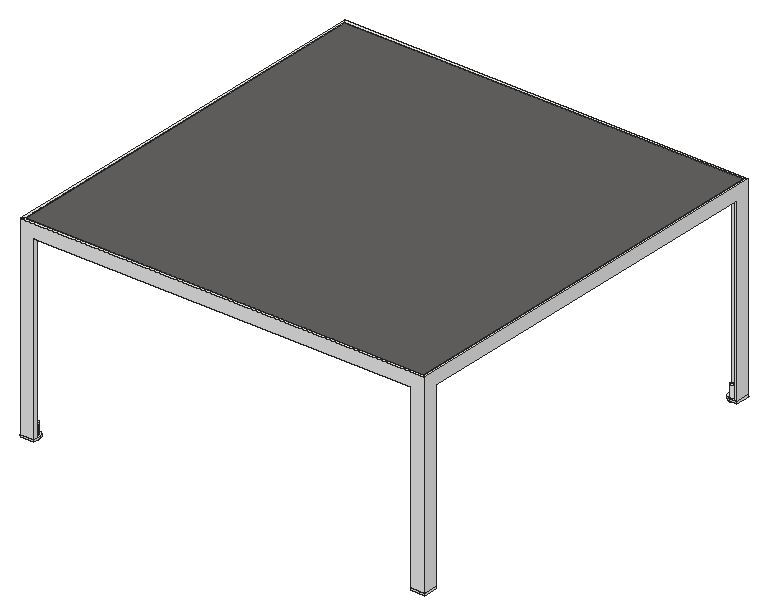
Revit family "Table-Multi_Use-Teknion-PRBL-R2014", category Furniture, Revit 2014
Parameters (values of type "(See Type Catalog)")
  Width = 59"
  Warranty = "http://www.teknionstudio.com/pdfs/Teknion%20Studio%20Warranty.pdf"
  Unit Weight = 0.00 lbf
  URL = "www.teknionstudio.com"
  Table Top Finish = Veneer - Teknion - P7 - Grey Oak
  Series = "B&B Italia"
  Product Page URL = "http://www.teknionstudio.com/progetto1/"
  Product Line = "Progetto"
  Product Documentation Link = "http://www.teknionstudio.com/pricing/progetto_ppg.pdf"
  Part Number = "PRBL"
  Model = ""
  Manufacturer Phone = "919-464-2920"
  Manufacturer Fax = "919-464-2927"
  Manufacturer Email = "customersupport@teknionstudio.com"
  Manufacturer Address = "3941 US 70 Business HWY West, Clayton, NC 27520"
  Manufacturer = "StudioTK"  # constant formula
  Low Emitting Material = yes
  Low Emitting Finish = yes
  Interior Frame Finish = none
  Height = 29"
  Foot Offset = if(Adjustable Foot, 5/8", 1/4")  # 5/8"
  Fixed Foot = not(Adjustable Foot)  # no
  Exterior Frame Finish = Metal - Teknion - C6 - Chrome
  Description = ""
  Depth = 59"
  Assembly Code = "E2020200"
  Adjustable Foot = yes
Reference planes (in)
  plane 1 "Center F/B": y = 0
  plane 2: z = 0
  plane 3 "Center L/R": x = 0
  plane 4 "Left": x = -29.5
  plane 5 "Right": x = 29.5
  plane 6 "Back": y = 29.5
  plane 7 "Front": y = -29.5
  plane 8 "Top": z = 28.93719
  plane 9: z = 0.625
  plane 10 "Revolve Front": y = -28.22842
  plane 11 "Revolve Back": y = 28.22842
Forms (in)
  Sweep 1, solid, material "Veneer - Teknion - P7 - Grey Oak" <- "Table Top Finish"
    path origin (0, 0, 28.93719) x (-1, 0, 0) y (0, -1, 0)
      loop
        line (29.09858, 0) -> (-29.09858, 0)
    profile origin (0, 0, 28.93719) x (0, 1, 0) y (0, 0, 1)
      loop
        line (29.09858, 0) -> (-29.09858, 0) -> (-29.09858, -0.40625) -> (29.09858, -0.40625) -> (29.09858, 0)
  Sweep 2, solid, material "Metal - Teknion - C6 - Chrome" <- "Exterior Frame Finish"
    path origin (0, 0, 0) x (1, 0, 0) y (0, 0, 1)
      loop
        line (0, 28.93719) -> (0, 0.625)
    profile origin (0, 0, 14.7811) x (0, -1, 0) y (1, 0, 0)
      loop
        line (-27.47933, -29.09858) -> (-29.0003, -29.09858) -> (-29.40171, -29.5) -> (-27.47933, -29.5) -> (-27.47933, -29.09858)
      loop
        line (-29.09858, -29.0003) -> (-29.09858, -27.47933) -> (-29.5, -27.47933) -> (-29.5, -29.40171) -> (-29.09858, -29.0003)
      loop
        line (-27.47933, 29.09858) -> (-27.47933, 29.5) -> (-29.40171, 29.5) -> (-29.0003, 29.09858) -> (-27.47933, 29.09858)
      loop
        line (-29.09858, 29.0003) -> (-29.5, 29.40171) -> (-29.5, 27.47933) -> (-29.09858, 27.47933) -> (-29.09858, 29.0003)
      loop
        line (27.47933, 29.09858) -> (29.0003, 29.09858) -> (29.40171, 29.5) -> (27.47933, 29.5) -> (27.47933, 29.09858)
      loop
        line (29.09858, 29.0003) -> (29.09858, 27.47933) -> (29.5, 27.47933) -> (29.5, 29.40171) -> (29.09858, 29.0003)
      loop
        line (27.47933, -29.09858) -> (27.47933, -29.5) -> (29.40171, -29.5) -> (29.0003, -29.09858) -> (27.47933, -29.09858)
      loop
        line (29.09858, -29.0003) -> (29.5, -29.40171) -> (29.5, -27.47933) -> (29.09858, -27.47933) -> (29.09858, -29.0003)
  Sweep 3, solid, material "Metal - Teknion - C6 - Chrome" <- "Exterior Frame Finish"
    path origin (0, 0, 28.93719) x (-1, 0, 0) y (0, -1, 0)
      loop
        line (0, 27.47933) -> (0, -27.47933)
    profile origin (0, 0, 28.93719) x (-1, 0, 0) y (0, 0, 1)
      loop
        line (29.5, 0) -> (29.09858, 0) -> (29.09858, -1.9685) -> (29.5, -1.9685) -> (29.5, 0)
      loop
        line (-29.5, 0) -> (-29.5, -1.9685) -> (-29.09858, -1.9685) -> (-29.09858, 0) -> (-29.5, 0)
  Sweep 4, solid, material "Metal - Teknion - C6 - Chrome" <- "Exterior Frame Finish", visible <- "Adjustable Foot"
    path origin (0, 0, 0) x (1, 0, 0) y (0, 0, 1)
      loop
        line (0, 0.376) -> (0, 0.625)
    profile origin (0, 0, 0.5005) x (-1, 0, 0) y (0, -1, 0)
      loop
        line (29.5, -29.5) -> (29.5, -27.47933) -> (28.47933, -27.47933)
        arc (28.47933, -27.47933) -> (27.77222, -27.77222) -> (27.47933, -28.47933) r 1
        line (27.47933, -28.47933) -> (27.47933, -29.5) -> (29.5, -29.5)
      loop
        line (-29.5, -29.5) -> (-27.47933, -29.5) -> (-27.47933, -28.47933)
        arc (-27.47933, -28.47933) -> (-27.77222, -27.77222) -> (-28.47933, -27.47933) r 1
        line (-28.47933, -27.47933) -> (-29.5, -27.47933) -> (-29.5, -29.5)
      loop
        line (-29.5, 29.5) -> (-29.5, 27.47933) -> (-28.47933, 27.47933)
        arc (-28.47933, 27.47933) -> (-27.77222, 27.77222) -> (-27.47933, 28.47933) r 1
        line (-27.47933, 28.47933) -> (-27.47933, 29.5) -> (-29.5, 29.5)
      loop
        line (29.5, 29.5) -> (27.47933, 29.5) -> (27.47933, 28.47933)
        arc (27.47933, 28.47933) -> (27.77222, 27.77222) -> (28.47933, 27.47933) r 1
        line (28.47933, 27.47933) -> (29.5, 27.47933) -> (29.5, 29.5)
  Revolve 5, solid, material "Metal - Teknion - C6 - Chrome" <- "Exterior Frame Finish", visible <- "Adjustable Foot"
    sketch origin (0, -28.22842, 0) x (1, 0, 0) y (0, 0, 1)
      loop
        line (-27.85433, 2.17054) -> (-28.22933, 2.17054) -> (-28.22933, 0) -> (-27.91683, 0) -> (-27.91683, 0.126) -> (-27.85433, 0.126) -> (-27.85433, 2.17054)
      axis (-28.22933, 0) -> (-28.22933, 2.17054)
    angle from 0 to 360
  Sweep 6, solid, material "Metal - Teknion - C6 - Chrome" <- "Exterior Frame Finish", visible <- "Fixed Foot"
    path origin (0, -28.22842, 0) x (1, 0, 0) y (0, 0, 1)
      loop
        line (0, 0.376) -> (0, 0.625)
    profile origin (0, -28.22842, 0.5005) x (-1, 0, 0) y (0, -1, 0)
      loop
        line (27.47933, -57.32701) -> (27.47933, -57.72842) -> (29.5, -57.72842) -> (29.5, -55.70775) -> (29.09858, -55.70775) -> (29.09858, -57.32701) -> (27.47933, -57.32701)
      loop
        line (-27.47933, -57.72842) -> (-27.47933, -57.32701) -> (-29.09858, -57.32701) -> (-29.09858, -55.70775) -> (-29.5, -55.70775) -> (-29.5, -57.72842) -> (-27.47933, -57.72842)
      loop
        line (-29.5, -0.74909) -> (-29.09858, -0.74909) -> (-29.09858, 0.87016) -> (-27.47933, 0.87016) -> (-27.47933, 1.27158) -> (-29.5, 1.27158) -> (-29.5, -0.74909)
      loop
        line (27.47933, 1.27158) -> (27.47933, 0.87016) -> (29.09858, 0.87016) -> (29.09858, -0.74909) -> (29.5, -0.74909) -> (29.5, 1.27158) -> (27.47933, 1.27158)
  Sweep 7, solid, material <- "Interior Frame Finish"
    path origin (0, 0, 28.93719) x (-1, 0, 0) y (0, -1, 0)
      loop
        line (29.09858, -29.09858) -> (29.09858, 29.09858) -> (-29.09858, 29.09858) -> (-29.09858, -29.09858) -> (29.09858, -29.09858)
    profile origin (-29.09858, 0, 28.93719) x (-1, 0, 0) y (0, 0, 1)
      loop
        line (-0.40142, -1.9685) -> (0, -1.9685) -> (0, -0.40625) -> (-0.40142, -0.40625) -> (-0.40142, -1.9685)
  Sweep 8, solid, material "Metal - Teknion - C6 - Chrome" <- "Exterior Frame Finish"
    path origin (0, 0, 28.93719) x (0, 1, 0) y (-1, 0, 0)
      loop
        line (0, 27.47933) -> (0, -27.47933)
    profile origin (0, 0, 28.93719) x (0, 1, 0) y (0, 0, 1)
      loop
        line (29.5, 0) -> (29.09858, 0) -> (29.09858, -1.9685) -> (29.5, -1.9685) -> (29.5, 0)
      loop
        line (-29.5, 0) -> (-29.5, -1.9685) -> (-29.09858, -1.9685) -> (-29.09858, 0) -> (-29.5, 0)
  Revolve 9, solid, material "Metal - Teknion - C6 - Chrome" <- "Exterior Frame Finish", visible <- "Adjustable Foot"
    sketch origin (0, -28.22842, 0) x (-1, 0, 0) y (0, 0, 1)
      loop
        line (-27.85433, 2.17054) -> (-28.22933, 2.17054) -> (-28.22933, 0) -> (-27.91683, 0) -> (-27.91683, 0.126) -> (-27.85433, 0.126) -> (-27.85433, 2.17054)
      axis (-28.22933, 0) -> (-28.22933, 2.17054)
    angle from 0 to 360
  Revolve 10, solid, material "Metal - Teknion - C6 - Chrome" <- "Exterior Frame Finish", visible <- "Adjustable Foot"
    sketch origin (0, 28.22842, 0) x (1, 0, 0) y (0, 0, 1)
      loop
        line (-27.85433, 2.17054) -> (-28.22933, 2.17054) -> (-28.22933, 0) -> (-27.91683, 0) -> (-27.91683, 0.126) -> (-27.85433, 0.126) -> (-27.85433, 2.17054)
      axis (-28.22933, 0) -> (-28.22933, 2.17054)
    angle from 0 to 360
  Revolve 11, solid, material "Metal - Teknion - C6 - Chrome" <- "Exterior Frame Finish", visible <- "Adjustable Foot"
    sketch origin (0, 28.22842, 0) x (1, 0, 0) y (0, 0, 1)
      loop
        line (27.85433, 2.17054) -> (27.85433, 0.126) -> (27.91683, 0.126) -> (27.91683, 0) -> (28.22933, 0) -> (28.22933, 2.17054) -> (27.85433, 2.17054)
      axis (28.22933, 0) -> (28.22933, 2.17054)
    angle from 0 to 360
Cuts and joins
  joined: Sweep 4, Revolve 5, Revolve 9, Revolve 10, Revolve 11
  joined: Sweep 2, Sweep 3, Sweep 8
Lines and regions (in)
  Masking region 1
    outline origin (0, 0, 28.93719) x (-1, 0, 0) y (0, -1, 0)
      loop
        line (29.5, -29.5) -> (29.5, 29.5) -> (-29.5, 29.5) -> (-29.5, -29.5) -> (29.5, -29.5)
  symbolic lines, detail levels medium+fine
    curve 1: line (-29.09858, 29.09858, 28.93719) -> (-29.09858, -29.09858, 28.93719)
    curve 2: line (-29.09858, -29.09858, 28.93719) -> (29.09858, -29.09858, 28.93719)
    curve 3: line (29.09858, -29.09858, 28.93719) -> (29.09858, 29.09858, 28.93719)
    curve 4: line (29.09858, 29.09858, 28.93719) -> (-29.09858, 29.09858, 28.93719)
  symbolic lines, style "FurnitureHiddenLines", detail levels fine
    curve 5: line (-28.69717, 28.69717, 28.93719) -> (28.69717, 28.69717, 28.93719)
    curve 6: line (-28.69717, -28.69717, 28.93719) -> (-28.69717, 28.69717, 28.93719)
    curve 7: line (28.69717, -28.69717, 28.93719) -> (-28.69717, -28.69717, 28.93719)
    curve 8: line (28.69717, 28.69717, 28.93719) -> (28.69717, -28.69717, 28.93719)
Dimensions and locks (in)
  equal spacing: plane 4 "Left", plane 3 "Center L/R", plane 5 "Right"
  equal spacing: plane 6 "Back", plane 1 "Center F/B", plane 7 "Front"
  locked: Sweep 1 sketch curve to plane 5 "Right" at 0.40142
  locked: plane 4 "Left" to Sweep 1 sketch curve at 0.40142
  locked: plane 8 "Top" to Sweep 1 sketch curve at 0.40625
  locked: plane 6 "Back" to Sweep 1 sketch curve at 0.40142
  locked: Sweep 1 sketch curve to plane 7 "Front" at 0.40142
  locked: plane 4 "Left" to Sweep 2 sketch curve at 2.02067  (x2)
  locked: Sweep 2 sketch curve to plane 7 "Front" at 2.02067
  locked: plane 4 "Left" to Sweep 2 sketch curve at 0.40142  (x2)
  locked: plane 7 "Front" to Sweep 2 sketch curve at 0.40142
  locked: Sweep 2 sketch curve to plane 7 "Front" at 0.40142
  locked: Sweep 2 sketch curve to plane 5 "Right" at 0.40142  (x2)
  locked: plane 7 "Front" to Sweep 2 sketch curve at 2.02067
  locked: Sweep 2 sketch curve to plane 5 "Right" at 2.02067  (x2)
  locked: plane 9 to Sweep 4 sketch curve at 0.249
  "Width": plane 4 "Left" to plane 5 "Right"
  "Depth": plane 6 "Back" to plane 7 "Front"
  locked: plane 4 "Left" to Sweep 4 sketch curve at 1.02067  (x2)
  locked: plane 6 "Back" to Sweep 4 sketch curve at 1.02067  (x2)
  locked: Sweep 4 sketch curve to plane 5 "Right" at 1.02067  (x2)
  locked: plane 7 "Front" to Sweep 4 sketch curve at 1.02067  (x2)
  locked: Revolve 5 sketch curve to Revolve 5 sketch curve at 0.375
  locked: Revolve 5 sketch curve to Revolve 5 sketch curve at 0.3125
  locked: plane 6 "Back" to Sweep 2 sketch curve at 2.02067
  locked: Sweep 2 sketch curve to plane 6 "Back" at 0.40142
  locked: plane 6 "Back" to Sweep 2 sketch curve at 0.40142
  locked: Sweep 2 sketch curve to plane 6 "Back" at 2.02067
  locked: Revolve 5 sketch curve to plane 4 "Left" at 1.27067
  locked: Revolve 5 sketch curve to plane 2 at 2.17054
  locked: plane 7 "Front" to plane 10 "Revolve Front" at 1.27158
  locked: plane 6 "Back" to plane 11 "Revolve Back" at 1.27158
  locked: plane 9 to Sweep 6 sketch curve at 0.249
  "Foot Offset": plane 9 to plane 2
  locked: plane 4 "Left" to Sweep 7 sketch curve at 0.40142
  locked: Sweep 7 sketch curve to plane 5 "Right" at 0.40142
  locked: Sweep 7 sketch curve to plane 6 "Back" at 0.40142
  locked: plane 7 "Front" to Sweep 7 sketch curve at 0.40142
  locked: profile plane to Sweep 7 sketch curve at 0.40142
  locked: profile plane to Sweep 7 sketch curve at 1.9685
  locked: plane 8 "Top" to Sweep 7 sketch curve at 0.40625
  locked: plane 4 "Left" to Sweep 3 sketch curve at 0.40142
  locked: plane 8 "Top" to Sweep 3 sketch curve at 1.9685  (x2)
  locked: Sweep 3 sketch curve to plane 5 "Right" at 0.40142
  locked: plane 6 "Back" to Sweep 8 sketch curve at 0.40142
  locked: plane 8 "Top" to Sweep 8 sketch curve at 1.9685
  locked: Sweep 8 sketch curve to plane 7 "Front" at 0.40142
  locked: Sweep 8 sketch curve to plane 8 "Top" at 1.9685
  locked: plane 7 "Front" to Sweep 3 sketch curve at 2.02067
  locked: plane 6 "Back" to Sweep 3 sketch curve at 2.02067
  locked: plane 4 "Left" to Sweep 8 sketch curve at 2.02067
  locked: Sweep 8 sketch curve to plane 5 "Right" at 2.02067
  locked: Revolve 9 sketch curve to Revolve 9 sketch curve at 0.375
  locked: Revolve 9 sketch curve to Revolve 9 sketch curve at 0.3125
  locked: plane 5 "Right" to Revolve 9 sketch curve at 1.27067
  locked: Revolve 9 sketch curve to plane 2 at 2.17054
  locked: Revolve 10 sketch curve to Revolve 10 sketch curve at 0.375
  locked: Revolve 10 sketch curve to Revolve 10 sketch curve at 0.3125
  locked: Revolve 11 sketch curve to Revolve 11 sketch curve at 0.375
  locked: Revolve 11 sketch curve to Revolve 11 sketch curve at 0.3125
  locked: Revolve 10 sketch curve to plane 4 "Left" at 1.27067
  locked: Revolve 10 sketch curve to plane 2 at 2.17054
  locked: plane 5 "Right" to Revolve 11 sketch curve at 1.27067
  locked: Revolve 11 sketch curve to plane 2 at 2.17054
  locked: Sweep 2 sketch curve to Sweep 2 sketch curve at 0.139  (x4)
  locked: curve 8 to plane 5 "Right" at 0.80283
  locked: plane 4 "Left" to curve 6 at 0.80283
  locked: plane 7 "Front" to curve 7 at 0.80283
  locked: plane 6 "Back" to curve 5 at 0.80283
  locked: Revolve 5 sketch curve to plane 2 at 0.126
  locked: Revolve 10 sketch curve to plane 2 at 0.126
  locked: Revolve 9 sketch curve to plane 2 at 0.126
  locked: Revolve 11 sketch curve to plane 2 at 0.126
  aligned and locked: level to plane 2
  aligned and locked: Sweep 1 sketch curve to plane 1 "Center F/B"
  aligned and locked: Sweep 1 sketch curve to plane 8 "Top"
  aligned and locked: plane 8 "Top" to Sweep 2 sketch curve
  aligned and locked: plane 9 to Sweep 2 sketch curve
  aligned and locked: Sweep 2 sketch curve to plane 3 "Center L/R"
  aligned and locked: Sweep 2 sketch curve to plane 4 "Left"  (x2)
  aligned and locked: Sweep 2 sketch curve to plane 6 "Back"  (x2)
  aligned and locked: Sweep 2 sketch curve to plane 5 "Right"  (x2)
  aligned and locked: Sweep 2 sketch curve to plane 7 "Front"  (x2)
  aligned and locked: plane 3 "Center L/R" to Sweep 4 sketch curve
  aligned and locked: plane 9 to Sweep 4 sketch curve
  aligned and locked: Sweep 4 sketch curve to plane 4 "Left"  (x2)
  aligned and locked: Sweep 4 sketch curve to plane 6 "Back"  (x2)
  aligned and locked: Sweep 4 sketch curve to plane 7 "Front"  (x2)
  aligned and locked: Sweep 4 sketch curve to plane 5 "Right"  (x2)
  aligned and locked: Revolve 5 sketch curve to Revolve 5 sketch curve
  aligned and locked: plane 3 "Center L/R" to Sweep 6 sketch curve
  aligned and locked: plane 9 to Sweep 6 sketch curve
  aligned and locked: Sweep 6 sketch curve to Sweep 2  (x24)
  aligned and locked: profile plane to Sweep 7 sketch curve
  aligned and locked: Sweep 3 sketch curve to plane 3 "Center L/R"
  aligned and locked: plane 4 "Left" to Sweep 3 sketch curve
  aligned and locked: Sweep 3 sketch curve to plane 8 "Top"  (x2)
  aligned and locked: plane 5 "Right" to Sweep 3 sketch curve
  aligned and locked: Sweep 8 sketch curve to plane 1 "Center F/B"
  aligned and locked: Sweep 8 sketch curve to plane 8 "Top"  (x2)
  aligned and locked: Sweep 8 sketch curve to plane 6 "Back"
  aligned and locked: plane 7 "Front" to Sweep 8 sketch curve
  aligned and locked: Revolve 9 sketch curve to Revolve 9 sketch curve
  aligned and locked: Revolve 9 sketch curve to plane 2
  aligned and locked: Revolve 10 sketch curve to Revolve 10 sketch curve
  aligned and locked: Revolve 11 sketch curve to Revolve 11 sketch curve
  aligned and locked: Revolve 11 sketch curve to plane 2
  aligned and locked: Masking region 1 sketch curve to plane 4 "Left"
  aligned and locked: Masking region 1 sketch curve to plane 6 "Back"
  aligned and locked: Masking region 1 sketch curve to plane 7 "Front"
  aligned and locked: Masking region 1 sketch curve to plane 5 "Right"
  aligned and locked: curve 1 to Sweep 1
  aligned and locked: curve 2 to Sweep 1
  aligned and locked: curve 3 to Sweep 1
  aligned and locked: curve 4 to Sweep 1
  aligned and locked: Revolve 5 sketch curve to plane 2
  aligned and locked: Revolve 10 sketch curve to plane 2
Automatic sketch dimensions
  Sweep 4 sketch curve to Sweep 4 sketch curve = 1"  (x4)
  Revolve 5 sketch curve to Revolve 5 sketch curve = 0.28131"
  Revolve 5 sketch curve to Revolve 5 sketch curve = 0.04815"
  Revolve 9 sketch curve to Revolve 9 sketch curve = 0.28131"
  Revolve 9 sketch curve to Revolve 9 sketch curve = 0.04815"
  Revolve 10 sketch curve to Revolve 10 sketch curve = 0.28131"
  Revolve 10 sketch curve to Revolve 10 sketch curve = 0.04815"
  Revolve 11 sketch curve to Revolve 11 sketch curve = 0.28131"
  Revolve 11 sketch curve to Revolve 11 sketch curve = 0.04815"
  Sweep 2 sketch curve to Sweep 2 sketch curve = 0.09829"  (x8)
